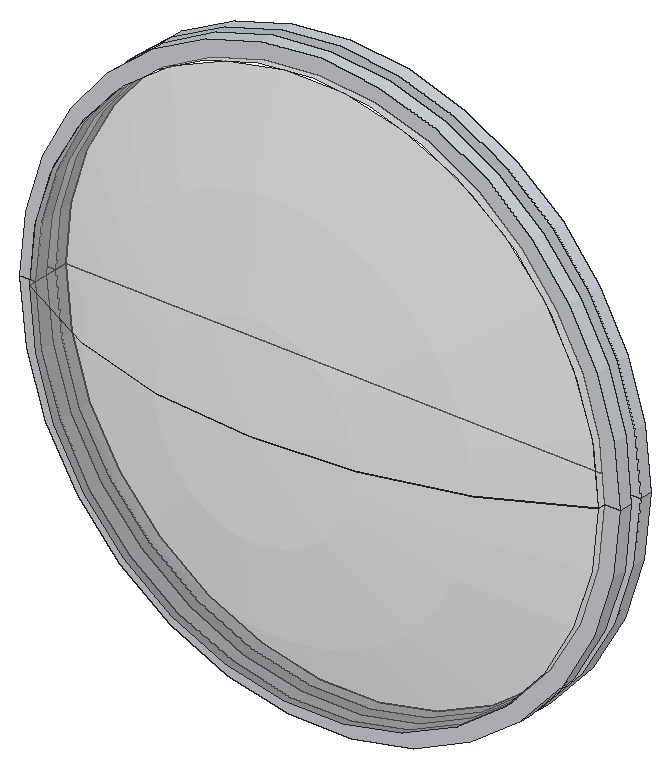
Revit family "2059-24", category Lighting Fixtures, Revit 2016
Family settings
  Part Type = Normal
  Round Connector Dimension = Use Diameter
  OmniClass Number = 23.80.70.00
  OmniClass Title = Lighting
  Work Plane-Based = No
  Always vertical = Yes
  Cut with Voids When Loaded = No
  Light Source = Yes
  Shared = No
  Room Calculation Point = No
Parameters
  Wattage = 12.1178 W
  built-in parameter 1150110 = 1 (stored number, unit not read)
  built-in parameter 1114217 = 1 (stored number, unit not read)
  built-in parameter 1150109 = 1 (stored number, unit not read)
  built-in parameter 1150134 = (empty or 0)
  built-in parameter 1150113 = 1 (stored number, unit not read)
  Lumens = 1800 lm
  built-in parameter 1150115 = 1 (stored number, unit not read)
  built-in parameter 1150105 = 143.24 (stored number, unit not read)
  Light Source Symbol Size = 2' - 0"
  built-in parameter 1150137 = (empty or 0)
  built-in parameter 1150139 = (empty or 0)
  built-in parameter 1150112 = 1 (stored number, unit not read)
  built-in parameter 1150114 = 1 (stored number, unit not read)
  built-in parameter 1150132 = 2
  built-in parameter 1150102 = (empty or 0)
  built-in parameter 1150138 = (empty or 0)
  built-in parameter 1150107 = 3000 (stored number, unit not read)
  built-in parameter 1150106 = 1.4324 (stored number, unit not read)
  built-in parameter 1150104 = 13.8 (stored number, unit not read)
  Dimming Lamp Color Temperature Shift = (empty or 0)
  Color Filter = 16777215
  built-in parameter 1114218 = 1 (stored number, unit not read)
  built-in parameter 1150133 = 10 (stored number, unit not read)
Reference planes (in)
  plane 1 "Light Source Axis (F/B)": y = 0
  plane 2: z = 0
  plane 3 "Light Source Axis (L/R)": x = 0
  plane 4 "Light Source Elevation": z = 54
Forms (in)
  Revolve 1, solid, material "Acrylic-Brownlee"
    sketch origin (0, 0, 0) x (1, 0, 0) y (0, 1, 0)
      loop
        line (0, 0) -> (0, -5)
        arc (0, -5) -> (5.93486, -4.27415) -> (11.375, -1.79336) r 19.60653
        line (11.375, -1.79336) -> (11.375, 0) -> (0, 0)
      axis (0, 0) -> (0, -5)
    angle from 0 to 360
  Revolve 2, solid
    sketch origin (0, 0, 0) x (1, 0, 0) y (0, 1, 0)
      loop
        line (11.37769, 0) -> (11.37769, -0.49658) -> (12, -0.49658) -> (12, 0) -> (11.37769, 0)
      loop
        line (11.37769, -0.95616) -> (11.37769, -1.47449) -> (12, -1.47449) -> (12, -0.95616) -> (11.37769, -0.95616)
      axis (0, 0) -> (0, -1.47449)
    angle from 0 to 360
Dimensions and locks (in)
  aligned and locked: plane 4 "Light Source Elevation" to imposter light
  aligned and locked: level to plane 2
